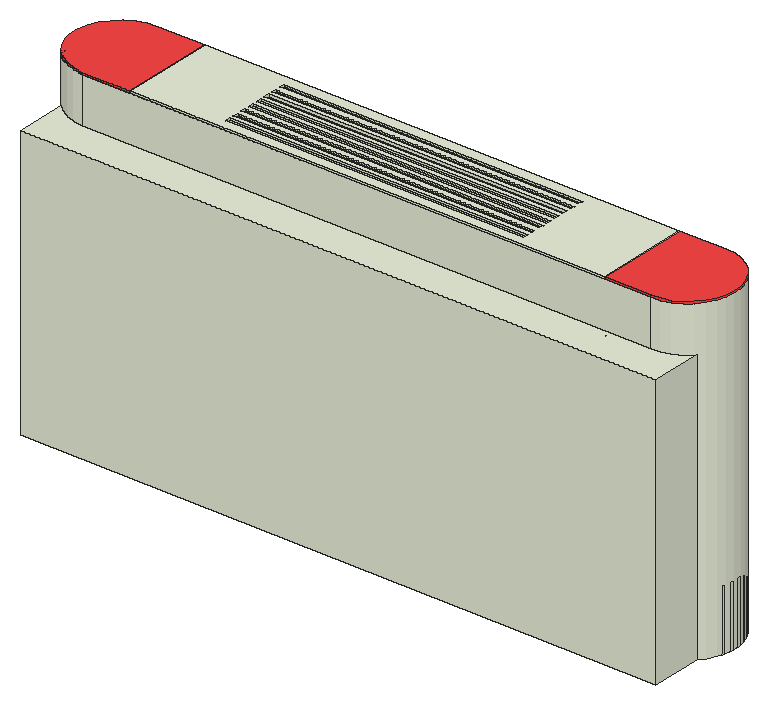
Revit family "MKH1-250-R3(R4)", category Mechanical Equipment, Revit 2013
Parameters (values of type "MKH1-250-R3")
  clearance access up = 1500.000 mm
  clearance access right = 150.000 mm
  clearance access left = 150.000 mm
  clearance access down = 90.000 mm
  clearance access behind = 50.000 mm
  clearance [instance] = no
  Width = 495.000 mm
  Series = "FCU"
  Rated current = 0.2 A
  Power supply = "220-240V ~50Hz/60Hz"
  Power Input(H/M/L) = "47/26/14 W"
  Panel color = "WH101"
  Net Weight = 20.00 kg
  Model = "MKH1-250-R3"
  Manufacturer = "Midea"
  Machine material = Galvanized Steel
  Liquid pipe = 19.050 mm
  Installation = "Indoor installation"
  Height = 211.000 mm
  Heating Capacity(H/M/L) = "3.05/2.24/1.52 kW"
  Drain pipe = 18.500 mm
  Description = "High efficiency water cooled"
  Depth = 1020.000 mm
  Cooling Capacity(H/M/L) = "2.65/2.02/1.40 kW"
  Condensation = "water"
  Circuit breaker = 15 A
  Air Flow(H/M/L) = "400/273/180 m3/h"
Types (3, lengths in mm): name | Rated current | Net Weight | Model | Heating Capacity(H/M/L) | Cooling Capacity(H/M/L) | Air Flow(H/M/L)
  (no name) | 0.2 A | 20.00 kg | "MKH1-250-R3" | "3.05/2.24/1.52 kW" | "2.65/2.02/1.40 kW" | "400/273/180 m3/h"
  MKH1-250-R3 | 0.2 A | 20.00 kg | "MKH1-250-R3" | "3.05/2.24/1.52 kW" | "2.65/2.02/1.40 kW" | "400/273/180 m3/h"
  MKH1-250-R4 | 0.22 A | 20.80 kg | "MKH1-250-R4" | "3.15/2.09/1.38 kW" | "3.05/2.26/1.63 kW" | "425/284/184 m3/h"
Reference planes
  plane 1 "Center (Front/Back)": y = 0
  plane 2: z = 0
  plane 3 "Center (Left/Right)": x = 0
  plane 4: x = -510
  plane 5: x = 510
  plane 6: z = 200
  plane 7: z = 80
  plane 8: x = 323
  plane 9: x = -323
  plane 10: y = 28
  plane 11: x = -375
  plane 12: y = -100
  plane 13: y = 100
  plane 14: y = 150
  plane 15: y = -44
Forms (mm)
  Extrusion 1, solid, material "Galvanized Steel" <- "Machine material"
    sketch origin (0, -100, 247.5) x (1, 0, 0) y (0, 1, 0)
      loop
        arc (438, 56) -> (510, 128) -> (438, 200) r 72
        line (438, 200) -> (-438, 200)
        arc (-438, 200) -> (-510, 128) -> (-438, 56) r 72
        line (-438, 56) -> (438, 56)
      loop
        line (438, 195) -> (-438, 195)
        arc (-438, 195) -> (-505, 128) -> (-438, 61) r 67
        line (-438, 61) -> (438, 61)
        arc (438, 61) -> (505, 128) -> (438, 195) r 67
    from -247.5 to 244.5
  Extrusion 2, solid, material "jinshu red"
    sketch origin (-115, -100, 247.5) x (1, 0, 0) y (0, 1, 0)
      loop
        arc (553, 56) -> (625, 128) -> (553, 200) r 72
        line (553, 200) -> (481, 200) -> (481, 56) -> (553, 56)
      loop
        arc (-323, 200) -> (-395, 128) -> (-323, 56) r 72
        line (-323, 56) -> (-251, 56) -> (-251, 200) -> (-323, 200)
    from 244.5 to 247.5
  Extrusion 3, solid, material "Galvanized Steel" <- "Machine material"
    sketch origin (0, -100, 247.5) x (1, 0, 0) y (0, 1, 0)
      loop
        line (-366, 200) -> (-366, 56) -> (366, 56) -> (366, 200) -> (-366, 200)
      loop
        line (-230, 183.236) -> (-230, 175.236) -> (230, 175.236) -> (230, 183.236) -> (-230, 183.236)
      loop
        line (-230, 168.236) -> (-230, 160.236) -> (230, 160.236) -> (230, 168.236) -> (-230, 168.236)
      loop
        line (-230, 153.236) -> (-230, 145.236) -> (230, 145.236) -> (230, 153.236) -> (-230, 153.236)
      loop
        line (-230, 138.236) -> (-230, 130.236) -> (230, 130.236) -> (230, 138.236) -> (-230, 138.236)
      loop
        line (-230, 123.236) -> (-230, 115.236) -> (230, 115.236) -> (230, 123.236) -> (-230, 123.236)
      loop
        line (-230, 108.236) -> (-230, 100.236) -> (230, 100.236) -> (230, 108.236) -> (-230, 108.236)
      loop
        line (-230, 93.236) -> (-230, 85.236) -> (230, 85.236) -> (230, 93.236) -> (-230, 93.236)
      loop
        line (-230, 78.236) -> (-230, 70.236) -> (230, 70.236) -> (230, 78.236) -> (-230, 78.236)
    from 244.5 to 247.5
  Extrusion 4, solid, material "Galvanized Steel" <- "Machine material"
    sketch origin (0, -100, 247.5) x (1, 0, 0) y (0, 1, 0)
      loop
        line (-490, 0) -> (490, 0) -> (490, 78.2)
        arc (490, 78.2) -> (466.27, 61.782) -> (438, 56) r 72
        line (438, 56) -> (-438, 56)
        arc (-438, 56) -> (-466.27, 61.782) -> (-490, 78.2) r 72
        line (-490, 78.2) -> (-490, 0)
    from -247.5 to 173.676
  Extrusion 5, solid, material "Galvanized Steel" <- "Machine material"
    sketch origin (0, -100, 247.5) x (1, 0, 0) y (0, 1, 0)
      loop
        line (443, 195) -> (-443, 195)
        arc (-443, 195) -> (-510, 128) -> (-443, 61) r 67
        line (-443, 61) -> (443, 61)
        arc (443, 61) -> (510, 128) -> (443, 195) r 67
    from -247.5 to -152.5
  Extrusion 6, solid, material "Galvanized Steel" <- "Machine material"
    sketch origin (500, 500, 0) x (0, -1, 0) y (0, 0, -1)
      loop
        circle (552.877, -410.569) r 9.525
    from -203.4 to -125
  Extrusion 7, solid, material "Galvanized Steel" <- "Machine material"
    sketch origin (500, 500, -45) x (0, -1, 0) y (0, 0, -1)
      loop
        circle (552.877, -410.569) r 9
    from -203.4 to -125
  Extrusion 8, void
    sketch origin (-323, 100, 247.5) x (-1, 0, 0) y (0, 0, -1)
      loop
        line (-618, 1.783) -> (-568, 1.783)
        arc (-568, 1.783) -> (-565.5, 4.283) -> (-568, 6.783) r 2.5
        line (-568, 6.783) -> (-618, 6.783)
        arc (-618, 6.783) -> (-620.5, 4.283) -> (-618, 1.783) r 2.5
      loop
        line (-558, 1.783) -> (-508, 1.783)
        arc (-508, 1.783) -> (-505.5, 4.283) -> (-508, 6.783) r 2.5
        line (-508, 6.783) -> (-558, 6.783)
        arc (-558, 6.783) -> (-560.5, 4.283) -> (-558, 1.783) r 2.5
      loop
        line (-498, 1.783) -> (-448, 1.783)
        arc (-448, 1.783) -> (-445.5, 4.283) -> (-448, 6.783) r 2.5
        line (-448, 6.783) -> (-498, 6.783)
        arc (-498, 6.783) -> (-500.5, 4.283) -> (-498, 1.783) r 2.5
      loop
        line (-438, 1.783) -> (-388, 1.783)
        arc (-388, 1.783) -> (-385.5, 4.283) -> (-388, 6.783) r 2.5
        line (-388, 6.783) -> (-438, 6.783)
        arc (-438, 6.783) -> (-440.5, 4.283) -> (-438, 1.783) r 2.5
      loop
        line (-378, 1.783) -> (-328, 1.783)
        arc (-328, 1.783) -> (-325.5, 4.283) -> (-328, 6.783) r 2.5
        line (-328, 6.783) -> (-378, 6.783)
        arc (-378, 6.783) -> (-380.5, 4.283) -> (-378, 1.783) r 2.5
      loop
        line (-318, 1.783) -> (-268, 1.783)
        arc (-268, 1.783) -> (-265.5, 4.283) -> (-268, 6.783) r 2.5
        line (-268, 6.783) -> (-318, 6.783)
        arc (-318, 6.783) -> (-320.5, 4.283) -> (-318, 1.783) r 2.5
      loop
        line (-258, 1.783) -> (-208, 1.783)
        arc (-208, 1.783) -> (-205.5, 4.283) -> (-208, 6.783) r 2.5
        line (-208, 6.783) -> (-258, 6.783)
        arc (-258, 6.783) -> (-260.5, 4.283) -> (-258, 1.783) r 2.5
      loop
        line (-198, 1.783) -> (-148, 1.783)
        arc (-148, 1.783) -> (-145.5, 4.283) -> (-148, 6.783) r 2.5
        line (-148, 6.783) -> (-198, 6.783)
        arc (-198, 6.783) -> (-200.5, 4.283) -> (-198, 1.783) r 2.5
      loop
        line (-138, 1.783) -> (-88, 1.783)
        arc (-88, 1.783) -> (-85.5, 4.283) -> (-88, 6.783) r 2.5
        line (-88, 6.783) -> (-138, 6.783)
        arc (-138, 6.783) -> (-140.5, 4.283) -> (-138, 1.783) r 2.5
      loop
        line (-78, 1.783) -> (-28, 1.783)
        arc (-28, 1.783) -> (-25.5, 4.283) -> (-28, 6.783) r 2.5
        line (-28, 6.783) -> (-78, 6.783)
        arc (-78, 6.783) -> (-80.5, 4.283) -> (-78, 1.783) r 2.5
      loop
        line (-618, 11.783) -> (-568, 11.783)
        arc (-568, 11.783) -> (-565.5, 14.283) -> (-568, 16.783) r 2.5
        line (-568, 16.783) -> (-618, 16.783)
        arc (-618, 16.783) -> (-620.5, 14.283) -> (-618, 11.783) r 2.5
      loop
        line (-558, 11.783) -> (-508, 11.783)
        arc (-508, 11.783) -> (-505.5, 14.283) -> (-508, 16.783) r 2.5
        line (-508, 16.783) -> (-558, 16.783)
        arc (-558, 16.783) -> (-560.5, 14.283) -> (-558, 11.783) r 2.5
      loop
        line (-498, 11.783) -> (-448, 11.783)
        arc (-448, 11.783) -> (-445.5, 14.283) -> (-448, 16.783) r 2.5
        line (-448, 16.783) -> (-498, 16.783)
        arc (-498, 16.783) -> (-500.5, 14.283) -> (-498, 11.783) r 2.5
      loop
        line (-438, 11.783) -> (-388, 11.783)
        arc (-388, 11.783) -> (-385.5, 14.283) -> (-388, 16.783) r 2.5
        line (-388, 16.783) -> (-438, 16.783)
        arc (-438, 16.783) -> (-440.5, 14.283) -> (-438, 11.783) r 2.5
      loop
        line (-378, 11.783) -> (-328, 11.783)
        arc (-328, 11.783) -> (-325.5, 14.283) -> (-328, 16.783) r 2.5
        line (-328, 16.783) -> (-378, 16.783)
        arc (-378, 16.783) -> (-380.5, 14.283) -> (-378, 11.783) r 2.5
      loop
        line (-318, 11.783) -> (-268, 11.783)
        arc (-268, 11.783) -> (-265.5, 14.283) -> (-268, 16.783) r 2.5
        line (-268, 16.783) -> (-318, 16.783)
        arc (-318, 16.783) -> (-320.5, 14.283) -> (-318, 11.783) r 2.5
      loop
        line (-258, 11.783) -> (-208, 11.783)
        arc (-208, 11.783) -> (-205.5, 14.283) -> (-208, 16.783) r 2.5
        line (-208, 16.783) -> (-258, 16.783)
        arc (-258, 16.783) -> (-260.5, 14.283) -> (-258, 11.783) r 2.5
      loop
        line (-198, 11.783) -> (-148, 11.783)
        arc (-148, 11.783) -> (-145.5, 14.283) -> (-148, 16.783) r 2.5
        line (-148, 16.783) -> (-198, 16.783)
        arc (-198, 16.783) -> (-200.5, 14.283) -> (-198, 11.783) r 2.5
      loop
        line (-138, 11.783) -> (-88, 11.783)
        arc (-88, 11.783) -> (-85.5, 14.283) -> (-88, 16.783) r 2.5
        line (-88, 16.783) -> (-138, 16.783)
        arc (-138, 16.783) -> (-140.5, 14.283) -> (-138, 11.783) r 2.5
      loop
        line (-78, 11.783) -> (-28, 11.783)
        arc (-28, 11.783) -> (-25.5, 14.283) -> (-28, 16.783) r 2.5
        line (-28, 16.783) -> (-78, 16.783)
        arc (-78, 16.783) -> (-80.5, 14.283) -> (-78, 11.783) r 2.5
      loop
        line (-618, 21.783) -> (-568, 21.783)
        arc (-568, 21.783) -> (-565.5, 24.283) -> (-568, 26.783) r 2.5
        line (-568, 26.783) -> (-618, 26.783)
        arc (-618, 26.783) -> (-620.5, 24.283) -> (-618, 21.783) r 2.5
      loop
        line (-558, 21.783) -> (-508, 21.783)
        arc (-508, 21.783) -> (-505.5, 24.283) -> (-508, 26.783) r 2.5
        line (-508, 26.783) -> (-558, 26.783)
        arc (-558, 26.783) -> (-560.5, 24.283) -> (-558, 21.783) r 2.5
      loop
        line (-498, 21.783) -> (-448, 21.783)
        arc (-448, 21.783) -> (-445.5, 24.283) -> (-448, 26.783) r 2.5
        line (-448, 26.783) -> (-498, 26.783)
        arc (-498, 26.783) -> (-500.5, 24.283) -> (-498, 21.783) r 2.5
      loop
        line (-438, 21.783) -> (-388, 21.783)
        arc (-388, 21.783) -> (-385.5, 24.283) -> (-388, 26.783) r 2.5
        line (-388, 26.783) -> (-438, 26.783)
        arc (-438, 26.783) -> (-440.5, 24.283) -> (-438, 21.783) r 2.5
      loop
        line (-378, 21.783) -> (-328, 21.783)
        arc (-328, 21.783) -> (-325.5, 24.283) -> (-328, 26.783) r 2.5
        line (-328, 26.783) -> (-378, 26.783)
        arc (-378, 26.783) -> (-380.5, 24.283) -> (-378, 21.783) r 2.5
      loop
        line (-318, 21.783) -> (-268, 21.783)
        arc (-268, 21.783) -> (-265.5, 24.283) -> (-268, 26.783) r 2.5
        line (-268, 26.783) -> (-318, 26.783)
        arc (-318, 26.783) -> (-320.5, 24.283) -> (-318, 21.783) r 2.5
      loop
        line (-258, 21.783) -> (-208, 21.783)
        arc (-208, 21.783) -> (-205.5, 24.283) -> (-208, 26.783) r 2.5
        line (-208, 26.783) -> (-258, 26.783)
        arc (-258, 26.783) -> (-260.5, 24.283) -> (-258, 21.783) r 2.5
      loop
        line (-198, 21.783) -> (-148, 21.783)
        arc (-148, 21.783) -> (-145.5, 24.283) -> (-148, 26.783) r 2.5
        line (-148, 26.783) -> (-198, 26.783)
        arc (-198, 26.783) -> (-200.5, 24.283) -> (-198, 21.783) r 2.5
      loop
        line (-138, 21.783) -> (-88, 21.783)
        arc (-88, 21.783) -> (-85.5, 24.283) -> (-88, 26.783) r 2.5
        line (-88, 26.783) -> (-138, 26.783)
        arc (-138, 26.783) -> (-140.5, 24.283) -> (-138, 21.783) r 2.5
      loop
        line (-78, 21.783) -> (-28, 21.783)
        arc (-28, 21.783) -> (-25.5, 24.283) -> (-28, 26.783) r 2.5
        line (-28, 26.783) -> (-78, 26.783)
        arc (-78, 26.783) -> (-80.5, 24.283) -> (-78, 21.783) r 2.5
      loop
        line (-618, 31.783) -> (-568, 31.783)
        arc (-568, 31.783) -> (-565.5, 34.283) -> (-568, 36.783) r 2.5
        line (-568, 36.783) -> (-618, 36.783)
        arc (-618, 36.783) -> (-620.5, 34.283) -> (-618, 31.783) r 2.5
      loop
        line (-558, 31.783) -> (-508, 31.783)
        arc (-508, 31.783) -> (-505.5, 34.283) -> (-508, 36.783) r 2.5
        line (-508, 36.783) -> (-558, 36.783)
        arc (-558, 36.783) -> (-560.5, 34.283) -> (-558, 31.783) r 2.5
      loop
        line (-498, 31.783) -> (-448, 31.783)
        arc (-448, 31.783) -> (-445.5, 34.283) -> (-448, 36.783) r 2.5
        line (-448, 36.783) -> (-498, 36.783)
        arc (-498, 36.783) -> (-500.5, 34.283) -> (-498, 31.783) r 2.5
      loop
        line (-438, 31.783) -> (-388, 31.783)
        arc (-388, 31.783) -> (-385.5, 34.283) -> (-388, 36.783) r 2.5
        line (-388, 36.783) -> (-438, 36.783)
        arc (-438, 36.783) -> (-440.5, 34.283) -> (-438, 31.783) r 2.5
      loop
        line (-378, 31.783) -> (-328, 31.783)
        arc (-328, 31.783) -> (-325.5, 34.283) -> (-328, 36.783) r 2.5
        line (-328, 36.783) -> (-378, 36.783)
        arc (-378, 36.783) -> (-380.5, 34.283) -> (-378, 31.783) r 2.5
      loop
        line (-318, 31.783) -> (-268, 31.783)
        arc (-268, 31.783) -> (-265.5, 34.283) -> (-268, 36.783) r 2.5
        line (-268, 36.783) -> (-318, 36.783)
        arc (-318, 36.783) -> (-320.5, 34.283) -> (-318, 31.783) r 2.5
      loop
        line (-258, 31.783) -> (-208, 31.783)
        arc (-208, 31.783) -> (-205.5, 34.283) -> (-208, 36.783) r 2.5
        line (-208, 36.783) -> (-258, 36.783)
        arc (-258, 36.783) -> (-260.5, 34.283) -> (-258, 31.783) r 2.5
      loop
        line (-198, 31.783) -> (-148, 31.783)
        arc (-148, 31.783) -> (-145.5, 34.283) -> (-148, 36.783) r 2.5
        line (-148, 36.783) -> (-198, 36.783)
        arc (-198, 36.783) -> (-200.5, 34.283) -> (-198, 31.783) r 2.5
      loop
        line (-138, 31.783) -> (-88, 31.783)
        arc (-88, 31.783) -> (-85.5, 34.283) -> (-88, 36.783) r 2.5
        line (-88, 36.783) -> (-138, 36.783)
        arc (-138, 36.783) -> (-140.5, 34.283) -> (-138, 31.783) r 2.5
      loop
        line (-78, 31.783) -> (-28, 31.783)
        arc (-28, 31.783) -> (-25.5, 34.283) -> (-28, 36.783) r 2.5
        line (-28, 36.783) -> (-78, 36.783)
        arc (-78, 36.783) -> (-80.5, 34.283) -> (-78, 31.783) r 2.5
      loop
        line (-618, 41.783) -> (-568, 41.783)
        arc (-568, 41.783) -> (-565.5, 44.283) -> (-568, 46.783) r 2.5
        line (-568, 46.783) -> (-618, 46.783)
        arc (-618, 46.783) -> (-620.5, 44.283) -> (-618, 41.783) r 2.5
      loop
        line (-558, 41.783) -> (-508, 41.783)
        arc (-508, 41.783) -> (-505.5, 44.283) -> (-508, 46.783) r 2.5
        line (-508, 46.783) -> (-558, 46.783)
        arc (-558, 46.783) -> (-560.5, 44.283) -> (-558, 41.783) r 2.5
      loop
        line (-498, 41.783) -> (-448, 41.783)
        arc (-448, 41.783) -> (-445.5, 44.283) -> (-448, 46.783) r 2.5
        line (-448, 46.783) -> (-498, 46.783)
        arc (-498, 46.783) -> (-500.5, 44.283) -> (-498, 41.783) r 2.5
      loop
        line (-438, 41.783) -> (-388, 41.783)
        arc (-388, 41.783) -> (-385.5, 44.283) -> (-388, 46.783) r 2.5
        line (-388, 46.783) -> (-438, 46.783)
        arc (-438, 46.783) -> (-440.5, 44.283) -> (-438, 41.783) r 2.5
      loop
        line (-378, 41.783) -> (-328, 41.783)
        arc (-328, 41.783) -> (-325.5, 44.283) -> (-328, 46.783) r 2.5
        line (-328, 46.783) -> (-378, 46.783)
        arc (-378, 46.783) -> (-380.5, 44.283) -> (-378, 41.783) r 2.5
      loop
        line (-318, 41.783) -> (-268, 41.783)
        arc (-268, 41.783) -> (-265.5, 44.283) -> (-268, 46.783) r 2.5
        line (-268, 46.783) -> (-318, 46.783)
        arc (-318, 46.783) -> (-320.5, 44.283) -> (-318, 41.783) r 2.5
      loop
        line (-258, 41.783) -> (-208, 41.783)
        arc (-208, 41.783) -> (-205.5, 44.283) -> (-208, 46.783) r 2.5
        line (-208, 46.783) -> (-258, 46.783)
        arc (-258, 46.783) -> (-260.5, 44.283) -> (-258, 41.783) r 2.5
      loop
        line (-198, 41.783) -> (-148, 41.783)
        arc (-148, 41.783) -> (-145.5, 44.283) -> (-148, 46.783) r 2.5
        line (-148, 46.783) -> (-198, 46.783)
        arc (-198, 46.783) -> (-200.5, 44.283) -> (-198, 41.783) r 2.5
      loop
        line (-138, 41.783) -> (-88, 41.783)
        arc (-88, 41.783) -> (-85.5, 44.283) -> (-88, 46.783) r 2.5
        line (-88, 46.783) -> (-138, 46.783)
        arc (-138, 46.783) -> (-140.5, 44.283) -> (-138, 41.783) r 2.5
      loop
        line (-78, 41.783) -> (-28, 41.783)
        arc (-28, 41.783) -> (-25.5, 44.283) -> (-28, 46.783) r 2.5
        line (-28, 46.783) -> (-78, 46.783)
        arc (-78, 46.783) -> (-80.5, 44.283) -> (-78, 41.783) r 2.5
      loop
        line (-618, 51.783) -> (-568, 51.783)
        arc (-568, 51.783) -> (-565.5, 54.283) -> (-568, 56.783) r 2.5
        line (-568, 56.783) -> (-618, 56.783)
        arc (-618, 56.783) -> (-620.5, 54.283) -> (-618, 51.783) r 2.5
      loop
        line (-558, 51.783) -> (-508, 51.783)
        arc (-508, 51.783) -> (-505.5, 54.283) -> (-508, 56.783) r 2.5
        line (-508, 56.783) -> (-558, 56.783)
        arc (-558, 56.783) -> (-560.5, 54.283) -> (-558, 51.783) r 2.5
      loop
        line (-498, 51.783) -> (-448, 51.783)
        arc (-448, 51.783) -> (-445.5, 54.283) -> (-448, 56.783) r 2.5
        line (-448, 56.783) -> (-498, 56.783)
        arc (-498, 56.783) -> (-500.5, 54.283) -> (-498, 51.783) r 2.5
      loop
        line (-438, 51.783) -> (-388, 51.783)
        arc (-388, 51.783) -> (-385.5, 54.283) -> (-388, 56.783) r 2.5
        line (-388, 56.783) -> (-438, 56.783)
        arc (-438, 56.783) -> (-440.5, 54.283) -> (-438, 51.783) r 2.5
      loop
        line (-378, 51.783) -> (-328, 51.783)
        arc (-328, 51.783) -> (-325.5, 54.283) -> (-328, 56.783) r 2.5
        line (-328, 56.783) -> (-378, 56.783)
        arc (-378, 56.783) -> (-380.5, 54.283) -> (-378, 51.783) r 2.5
      loop
        line (-318, 51.783) -> (-268, 51.783)
        arc (-268, 51.783) -> (-265.5, 54.283) -> (-268, 56.783) r 2.5
        line (-268, 56.783) -> (-318, 56.783)
        arc (-318, 56.783) -> (-320.5, 54.283) -> (-318, 51.783) r 2.5
      loop
        line (-258, 51.783) -> (-208, 51.783)
        arc (-208, 51.783) -> (-205.5, 54.283) -> (-208, 56.783) r 2.5
        line (-208, 56.783) -> (-258, 56.783)
        arc (-258, 56.783) -> (-260.5, 54.283) -> (-258, 51.783) r 2.5
      loop
        line (-198, 51.783) -> (-148, 51.783)
        arc (-148, 51.783) -> (-145.5, 54.283) -> (-148, 56.783) r 2.5
        line (-148, 56.783) -> (-198, 56.783)
        arc (-198, 56.783) -> (-200.5, 54.283) -> (-198, 51.783) r 2.5
      loop
        line (-138, 51.783) -> (-88, 51.783)
        arc (-88, 51.783) -> (-85.5, 54.283) -> (-88, 56.783) r 2.5
        line (-88, 56.783) -> (-138, 56.783)
        arc (-138, 56.783) -> (-140.5, 54.283) -> (-138, 51.783) r 2.5
      loop
        line (-78, 51.783) -> (-28, 51.783)
        arc (-28, 51.783) -> (-25.5, 54.283) -> (-28, 56.783) r 2.5
        line (-28, 56.783) -> (-78, 56.783)
        arc (-78, 56.783) -> (-80.5, 54.283) -> (-78, 51.783) r 2.5
      loop
        line (-618, 61.783) -> (-568, 61.783)
        arc (-568, 61.783) -> (-565.5, 64.283) -> (-568, 66.783) r 2.5
        line (-568, 66.783) -> (-618, 66.783)
        arc (-618, 66.783) -> (-620.5, 64.283) -> (-618, 61.783) r 2.5
      loop
        line (-558, 61.783) -> (-508, 61.783)
        arc (-508, 61.783) -> (-505.5, 64.283) -> (-508, 66.783) r 2.5
        line (-508, 66.783) -> (-558, 66.783)
        arc (-558, 66.783) -> (-560.5, 64.283) -> (-558, 61.783) r 2.5
      loop
        line (-498, 61.783) -> (-448, 61.783)
        arc (-448, 61.783) -> (-445.5, 64.283) -> (-448, 66.783) r 2.5
        line (-448, 66.783) -> (-498, 66.783)
        arc (-498, 66.783) -> (-500.5, 64.283) -> (-498, 61.783) r 2.5
      loop
        line (-438, 61.783) -> (-388, 61.783)
        arc (-388, 61.783) -> (-385.5, 64.283) -> (-388, 66.783) r 2.5
        line (-388, 66.783) -> (-438, 66.783)
        arc (-438, 66.783) -> (-440.5, 64.283) -> (-438, 61.783) r 2.5
      loop
        line (-378, 61.783) -> (-328, 61.783)
        arc (-328, 61.783) -> (-325.5, 64.283) -> (-328, 66.783) r 2.5
        line (-328, 66.783) -> (-378, 66.783)
        arc (-378, 66.783) -> (-380.5, 64.283) -> (-378, 61.783) r 2.5
      loop
        line (-318, 61.783) -> (-268, 61.783)
        arc (-268, 61.783) -> (-265.5, 64.283) -> (-268, 66.783) r 2.5
        line (-268, 66.783) -> (-318, 66.783)
        arc (-318, 66.783) -> (-320.5, 64.283) -> (-318, 61.783) r 2.5
      loop
        line (-258, 61.783) -> (-208, 61.783)
        arc (-208, 61.783) -> (-205.5, 64.283) -> (-208, 66.783) r 2.5
        line (-208, 66.783) -> (-258, 66.783)
        arc (-258, 66.783) -> (-260.5, 64.283) -> (-258, 61.783) r 2.5
      loop
        line (-198, 61.783) -> (-148, 61.783)
        arc (-148, 61.783) -> (-145.5, 64.283) -> (-148, 66.783) r 2.5
        line (-148, 66.783) -> (-198, 66.783)
        arc (-198, 66.783) -> (-200.5, 64.283) -> (-198, 61.783) r 2.5
      loop
        line (-138, 61.783) -> (-88, 61.783)
        arc (-88, 61.783) -> (-85.5, 64.283) -> (-88, 66.783) r 2.5
        line (-88, 66.783) -> (-138, 66.783)
        arc (-138, 66.783) -> (-140.5, 64.283) -> (-138, 61.783) r 2.5
      loop
        line (-78, 61.783) -> (-28, 61.783)
        arc (-28, 61.783) -> (-25.5, 64.283) -> (-28, 66.783) r 2.5
        line (-28, 66.783) -> (-78, 66.783)
        arc (-78, 66.783) -> (-80.5, 64.283) -> (-78, 61.783) r 2.5
      loop
        line (-618, 71.783) -> (-568, 71.783)
        arc (-568, 71.783) -> (-565.5, 74.283) -> (-568, 76.783) r 2.5
        line (-568, 76.783) -> (-618, 76.783)
        arc (-618, 76.783) -> (-620.5, 74.283) -> (-618, 71.783) r 2.5
      loop
        line (-558, 71.783) -> (-508, 71.783)
        arc (-508, 71.783) -> (-505.5, 74.283) -> (-508, 76.783) r 2.5
        line (-508, 76.783) -> (-558, 76.783)
        arc (-558, 76.783) -> (-560.5, 74.283) -> (-558, 71.783) r 2.5
      loop
        line (-498, 71.783) -> (-448, 71.783)
        arc (-448, 71.783) -> (-445.5, 74.283) -> (-448, 76.783) r 2.5
        line (-448, 76.783) -> (-498, 76.783)
        arc (-498, 76.783) -> (-500.5, 74.283) -> (-498, 71.783) r 2.5
      loop
        line (-438, 71.783) -> (-388, 71.783)
        arc (-388, 71.783) -> (-385.5, 74.283) -> (-388, 76.783) r 2.5
        line (-388, 76.783) -> (-438, 76.783)
        arc (-438, 76.783) -> (-440.5, 74.283) -> (-438, 71.783) r 2.5
      loop
        line (-378, 71.783) -> (-328, 71.783)
        arc (-328, 71.783) -> (-325.5, 74.283) -> (-328, 76.783) r 2.5
        line (-328, 76.783) -> (-378, 76.783)
        arc (-378, 76.783) -> (-380.5, 74.283) -> (-378, 71.783) r 2.5
      loop
        line (-318, 71.783) -> (-268, 71.783)
        arc (-268, 71.783) -> (-265.5, 74.283) -> (-268, 76.783) r 2.5
        line (-268, 76.783) -> (-318, 76.783)
        arc (-318, 76.783) -> (-320.5, 74.283) -> (-318, 71.783) r 2.5
      loop
        line (-258, 71.783) -> (-208, 71.783)
        arc (-208, 71.783) -> (-205.5, 74.283) -> (-208, 76.783) r 2.5
        line (-208, 76.783) -> (-258, 76.783)
        arc (-258, 76.783) -> (-260.5, 74.283) -> (-258, 71.783) r 2.5
      loop
        line (-198, 71.783) -> (-148, 71.783)
        arc (-148, 71.783) -> (-145.5, 74.283) -> (-148, 76.783) r 2.5
        line (-148, 76.783) -> (-198, 76.783)
        arc (-198, 76.783) -> (-200.5, 74.283) -> (-198, 71.783) r 2.5
      loop
        line (-138, 71.783) -> (-88, 71.783)
        arc (-88, 71.783) -> (-85.5, 74.283) -> (-88, 76.783) r 2.5
        line (-88, 76.783) -> (-138, 76.783)
        arc (-138, 76.783) -> (-140.5, 74.283) -> (-138, 71.783) r 2.5
      loop
        line (-78, 71.783) -> (-28, 71.783)
        arc (-28, 71.783) -> (-25.5, 74.283) -> (-28, 76.783) r 2.5
        line (-28, 76.783) -> (-78, 76.783)
        arc (-78, 76.783) -> (-80.5, 74.283) -> (-78, 71.783) r 2.5
      loop
        line (-618, 81.783) -> (-568, 81.783)
        arc (-568, 81.783) -> (-565.5, 84.283) -> (-568, 86.783) r 2.5
        line (-568, 86.783) -> (-618, 86.783)
        arc (-618, 86.783) -> (-620.5, 84.283) -> (-618, 81.783) r 2.5
      loop
        line (-558, 81.783) -> (-508, 81.783)
        arc (-508, 81.783) -> (-505.5, 84.283) -> (-508, 86.783) r 2.5
        line (-508, 86.783) -> (-558, 86.783)
        arc (-558, 86.783) -> (-560.5, 84.283) -> (-558, 81.783) r 2.5
      loop
        line (-498, 81.783) -> (-448, 81.783)
        arc (-448, 81.783) -> (-445.5, 84.283) -> (-448, 86.783) r 2.5
        line (-448, 86.783) -> (-498, 86.783)
        arc (-498, 86.783) -> (-500.5, 84.283) -> (-498, 81.783) r 2.5
      loop
        line (-438, 81.783) -> (-388, 81.783)
        arc (-388, 81.783) -> (-385.5, 84.283) -> (-388, 86.783) r 2.5
        line (-388, 86.783) -> (-438, 86.783)
        arc (-438, 86.783) -> (-440.5, 84.283) -> (-438, 81.783) r 2.5
      loop
        line (-378, 81.783) -> (-328, 81.783)
        arc (-328, 81.783) -> (-325.5, 84.283) -> (-328, 86.783) r 2.5
        line (-328, 86.783) -> (-378, 86.783)
        arc (-378, 86.783) -> (-380.5, 84.283) -> (-378, 81.783) r 2.5
      loop
        line (-318, 81.783) -> (-268, 81.783)
        arc (-268, 81.783) -> (-265.5, 84.283) -> (-268, 86.783) r 2.5
        line (-268, 86.783) -> (-318, 86.783)
        arc (-318, 86.783) -> (-320.5, 84.283) -> (-318, 81.783) r 2.5
      loop
        line (-258, 81.783) -> (-208, 81.783)
        arc (-208, 81.783) -> (-205.5, 84.283) -> (-208, 86.783) r 2.5
        line (-208, 86.783) -> (-258, 86.783)
        arc (-258, 86.783) -> (-260.5, 84.283) -> (-258, 81.783) r 2.5
      loop
        line (-198, 81.783) -> (-148, 81.783)
        arc (-148, 81.783) -> (-145.5, 84.283) -> (-148, 86.783) r 2.5
        line (-148, 86.783) -> (-198, 86.783)
        arc (-198, 86.783) -> (-200.5, 84.283) -> (-198, 81.783) r 2.5
      loop
        line (-138, 81.783) -> (-88, 81.783)
        arc (-88, 81.783) -> (-85.5, 84.283) -> (-88, 86.783) r 2.5
        line (-88, 86.783) -> (-138, 86.783)
        arc (-138, 86.783) -> (-140.5, 84.283) -> (-138, 81.783) r 2.5
      loop
        line (-78, 81.783) -> (-28, 81.783)
        arc (-28, 81.783) -> (-25.5, 84.283) -> (-28, 86.783) r 2.5
        line (-28, 86.783) -> (-78, 86.783)
        arc (-78, 86.783) -> (-80.5, 84.283) -> (-78, 81.783) r 2.5
      loop
        line (-618, 91.783) -> (-568, 91.783)
        arc (-568, 91.783) -> (-565.5, 94.283) -> (-568, 96.783) r 2.5
        line (-568, 96.783) -> (-618, 96.783)
        arc (-618, 96.783) -> (-620.5, 94.283) -> (-618, 91.783) r 2.5
      loop
        line (-558, 91.783) -> (-508, 91.783)
        arc (-508, 91.783) -> (-505.5, 94.283) -> (-508, 96.783) r 2.5
        line (-508, 96.783) -> (-558, 96.783)
        arc (-558, 96.783) -> (-560.5, 94.283) -> (-558, 91.783) r 2.5
      loop
        line (-498, 91.783) -> (-448, 91.783)
        arc (-448, 91.783) -> (-445.5, 94.283) -> (-448, 96.783) r 2.5
        line (-448, 96.783) -> (-498, 96.783)
        arc (-498, 96.783) -> (-500.5, 94.283) -> (-498, 91.783) r 2.5
      loop
        line (-438, 91.783) -> (-388, 91.783)
        arc (-388, 91.783) -> (-385.5, 94.283) -> (-388, 96.783) r 2.5
        line (-388, 96.783) -> (-438, 96.783)
        arc (-438, 96.783) -> (-440.5, 94.283) -> (-438, 91.783) r 2.5
      loop
        line (-378, 91.783) -> (-328, 91.783)
        arc (-328, 91.783) -> (-325.5, 94.283) -> (-328, 96.783) r 2.5
        line (-328, 96.783) -> (-378, 96.783)
        arc (-378, 96.783) -> (-380.5, 94.283) -> (-378, 91.783) r 2.5
      loop
        line (-318, 91.783) -> (-268, 91.783)
        arc (-268, 91.783) -> (-265.5, 94.283) -> (-268, 96.783) r 2.5
        line (-268, 96.783) -> (-318, 96.783)
        arc (-318, 96.783) -> (-320.5, 94.283) -> (-318, 91.783) r 2.5
      loop
        line (-258, 91.783) -> (-208, 91.783)
        arc (-208, 91.783) -> (-205.5, 94.283) -> (-208, 96.783) r 2.5
        line (-208, 96.783) -> (-258, 96.783)
        arc (-258, 96.783) -> (-260.5, 94.283) -> (-258, 91.783) r 2.5
      loop
        line (-198, 91.783) -> (-148, 91.783)
        arc (-148, 91.783) -> (-145.5, 94.283) -> (-148, 96.783) r 2.5
        line (-148, 96.783) -> (-198, 96.783)
        arc (-198, 96.783) -> (-200.5, 94.283) -> (-198, 91.783) r 2.5
      loop
        line (-138, 91.783) -> (-88, 91.783)
        arc (-88, 91.783) -> (-85.5, 94.283) -> (-88, 96.783) r 2.5
        line (-88, 96.783) -> (-138, 96.783)
        arc (-138, 96.783) -> (-140.5, 94.283) -> (-138, 91.783) r 2.5
      loop
        line (-78, 91.783) -> (-28, 91.783)
        arc (-28, 91.783) -> (-25.5, 94.283) -> (-28, 96.783) r 2.5
        line (-28, 96.783) -> (-78, 96.783)
        arc (-78, 96.783) -> (-80.5, 94.283) -> (-78, 91.783) r 2.5
      loop
        line (-618, 101.783) -> (-568, 101.783)
        arc (-568, 101.783) -> (-565.5, 104.283) -> (-568, 106.783) r 2.5
        line (-568, 106.783) -> (-618, 106.783)
        arc (-618, 106.783) -> (-620.5, 104.283) -> (-618, 101.783) r 2.5
      loop
        line (-558, 101.783) -> (-508, 101.783)
        arc (-508, 101.783) -> (-505.5, 104.283) -> (-508, 106.783) r 2.5
        line (-508, 106.783) -> (-558, 106.783)
        arc (-558, 106.783) -> (-560.5, 104.283) -> (-558, 101.783) r 2.5
      loop
        line (-498, 101.783) -> (-448, 101.783)
        arc (-448, 101.783) -> (-445.5, 104.283) -> (-448, 106.783) r 2.5
        line (-448, 106.783) -> (-498, 106.783)
        arc (-498, 106.783) -> (-500.5, 104.283) -> (-498, 101.783) r 2.5
      loop
        line (-438, 101.783) -> (-388, 101.783)
        arc (-388, 101.783) -> (-385.5, 104.283) -> (-388, 106.783) r 2.5
        line (-388, 106.783) -> (-438, 106.783)
        arc (-438, 106.783) -> (-440.5, 104.283) -> (-438, 101.783) r 2.5
      loop
        line (-378, 101.783) -> (-328, 101.783)
        arc (-328, 101.783) -> (-325.5, 104.283) -> (-328, 106.783) r 2.5
        line (-328, 106.783) -> (-378, 106.783)
        arc (-378, 106.783) -> (-380.5, 104.283) -> (-378, 101.783) r 2.5
      loop
        line (-318, 101.783) -> (-268, 101.783)
        arc (-268, 101.783) -> (-265.5, 104.283) -> (-268, 106.783) r 2.5
        line (-268, 106.783) -> (-318, 106.783)
        arc (-318, 106.783) -> (-320.5, 104.283) -> (-318, 101.783) r 2.5
      loop
        line (-258, 101.783) -> (-208, 101.783)
        arc (-208, 101.783) -> (-205.5, 104.283) -> (-208, 106.783) r 2.5
        line (-208, 106.783) -> (-258, 106.783)
        arc (-258, 106.783) -> (-260.5, 104.283) -> (-258, 101.783) r 2.5
      loop
        line (-198, 101.783) -> (-148, 101.783)
        arc (-148, 101.783) -> (-145.5, 104.283) -> (-148, 106.783) r 2.5
        line (-148, 106.783) -> (-198, 106.783)
        arc (-198, 106.783) -> (-200.5, 104.283) -> (-198, 101.783) r 2.5
      loop
        line (-138, 101.783) -> (-88, 101.783)
        arc (-88, 101.783) -> (-85.5, 104.283) -> (-88, 106.783) r 2.5
        line (-88, 106.783) -> (-138, 106.783)
        arc (-138, 106.783) -> (-140.5, 104.283) -> (-138, 101.783) r 2.5
      loop
        line (-78, 101.783) -> (-28, 101.783)
        arc (-28, 101.783) -> (-25.5, 104.283) -> (-28, 106.783) r 2.5
        line (-28, 106.783) -> (-78, 106.783)
        arc (-78, 106.783) -> (-80.5, 104.283) -> (-78, 101.783) r 2.5
      loop
        line (-618, 111.783) -> (-568, 111.783)
        arc (-568, 111.783) -> (-565.5, 114.283) -> (-568, 116.783) r 2.5
        line (-568, 116.783) -> (-618, 116.783)
        arc (-618, 116.783) -> (-620.5, 114.283) -> (-618, 111.783) r 2.5
      loop
        line (-558, 111.783) -> (-508, 111.783)
        arc (-508, 111.783) -> (-505.5, 114.283) -> (-508, 116.783) r 2.5
        line (-508, 116.783) -> (-558, 116.783)
        arc (-558, 116.783) -> (-560.5, 114.283) -> (-558, 111.783) r 2.5
      loop
        line (-498, 111.783) -> (-448, 111.783)
        arc (-448, 111.783) -> (-445.5, 114.283) -> (-448, 116.783) r 2.5
        line (-448, 116.783) -> (-498, 116.783)
        arc (-498, 116.783) -> (-500.5, 114.283) -> (-498, 111.783) r 2.5
      loop
        line (-438, 111.783) -> (-388, 111.783)
        arc (-388, 111.783) -> (-385.5, 114.283) -> (-388, 116.783) r 2.5
        line (-388, 116.783) -> (-438, 116.783)
        arc (-438, 116.783) -> (-440.5, 114.283) -> (-438, 111.783) r 2.5
      loop
        line (-378, 111.783) -> (-328, 111.783)
        arc (-328, 111.783) -> (-325.5, 114.283) -> (-328, 116.783) r 2.5
        line (-328, 116.783) -> (-378, 116.783)
        arc (-378, 116.783) -> (-380.5, 114.283) -> (-378, 111.783) r 2.5
      loop
        line (-318, 111.783) -> (-268, 111.783)
        arc (-268, 111.783) -> (-265.5, 114.283) -> (-268, 116.783) r 2.5
        line (-268, 116.783) -> (-318, 116.783)
        arc (-318, 116.783) -> (-320.5, 114.283) -> (-318, 111.783) r 2.5
      loop
        line (-258, 111.783) -> (-208, 111.783)
        arc (-208, 111.783) -> (-205.5, 114.283) -> (-208, 116.783) r 2.5
        line (-208, 116.783) -> (-258, 116.783)
        arc (-258, 116.783) -> (-260.5, 114.283) -> (-258, 111.783) r 2.5
      loop
        line (-198, 111.783) -> (-148, 111.783)
        arc (-148, 111.783) -> (-145.5, 114.283) -> (-148, 116.783) r 2.5
        line (-148, 116.783) -> (-198, 116.783)
        arc (-198, 116.783) -> (-200.5, 114.283) -> (-198, 111.783) r 2.5
      loop
        line (-138, 111.783) -> (-88, 111.783)
        arc (-88, 111.783) -> (-85.5, 114.283) -> (-88, 116.783) r 2.5
        line (-88, 116.783) -> (-138, 116.783)
        arc (-138, 116.783) -> (-140.5, 114.283) -> (-138, 111.783) r 2.5
      loop
        line (-78, 111.783) -> (-28, 111.783)
        arc (-28, 111.783) -> (-25.5, 114.283) -> (-28, 116.783) r 2.5
        line (-28, 116.783) -> (-78, 116.783)
        arc (-78, 116.783) -> (-80.5, 114.283) -> (-78, 111.783) r 2.5
    from 0 to 5
Cuts and joins
  Extrusion 8 cuts Extrusion 1
  Extrusion 8 cuts Extrusion 4
Dimensions and locks
  aligned and locked: level to plane 2
Nested families
  nested 1: "Midea service space" at (-510, 100, 0), visible <- "clearance", type "Midea Service  Space"
    with Width 1020.000 mm, Height 500.000 mm, Depth 50.000 mm
  nested 2: "Midea service space" at (510, -100, 0), visible <- "clearance", type "Midea Service  Space"
    with Width 150.000 mm, Height 500.000 mm, Depth 200.000 mm
  nested 3: "Midea service space" at (-660, -100, 0), visible <- "clearance", type "Midea Service  Space"
    with Width 150.000 mm, Height 500.000 mm, Depth 200.000 mm
  nested 4: "Midea service space" at (-510, -100, 495), visible <- "clearance", type "Midea Service  Space"
    with Width 1020.000 mm, Height 1500.000 mm, Depth 200.000 mm
  nested 5: "Midea service space" at (-510, -100, -90), visible <- "clearance", type "Midea Service  Space"
    with Width 1020.000 mm, Height 90.000 mm, Depth 200.000 mm
Connectors
  electrical at (-490, -60.9, 210.588)
    settings: on Extrusion 4, index 1, voltage 220 V, apparent load 0 VA, apparent load phase1 0 VA, apparent load phase2 0 VA, apparent load phase3 0 VA, power factor 1, load classification "Other", number of poles 1, system type 30, power factor state 1, is connector primary yes, connector utility no, sub classification motor no, connector description ""
  piping at (375, -52.877, 410.569)
    settings: on Extrusion 6, index 2, connector radius 3/8", flow factor 0, pipe flow 0 GPM, pressure drop 0.00 psi, fitting loss kfactor 0, connector angle 0.00°, fixture units 0, engagement length 0.000 mm, flow configuration 0, flow direction 0, fitting loss method 0, system type 19, joint type 0, gender type 0, connector reference index -1, connector utility 0, adjustable connector no, is connector primary yes, fitting loss table "", connector description "Liquid pipe"
  piping at (375, -52.877, 365.569)
    settings: on Extrusion 7, index 3, connector radius 0.35433", flow factor 0, pipe flow 0 GPM, pressure drop 0.00 psi, fitting loss kfactor 0, connector angle 0.00°, fixture units 0, engagement length 0.000 mm, flow configuration 0, flow direction 0, fitting loss method 0, system type 19, joint type 0, gender type 0, connector reference index -1, connector utility 0, adjustable connector no, is connector primary no, fitting loss table "", connector description "Drain pipe"
Definition of nested family "Midea service space"
  Parameters (values of type "Midea Service  Space")
    Width [instance] = 500.000 mm
    Height [instance] = 500.000 mm
    Depth [instance] = 500.000 mm
  Reference planes
    plane 1 "Center (Front/Back)": y = 0
    plane 2: z = 0
    plane 3 "Center (Left/Right)": x = 0
    plane 4: z = 500
    plane 5: y = 500
    plane 6: x = 500
  Forms (mm)
    Extrusion 1, solid, material "Midea Service Space-HDY"
      sketch origin (0, 0, 0) x (1, 0, 0) y (0, 1, 0)
        loop
          line (0, 500) -> (0, 0) -> (500, 0) -> (500, 500) -> (0, 500)
      from 0 to 500
  Dimensions and locks
    "Width": plane 3 "Center (Left/Right)" to plane 6
    "Depth": plane 5 to plane 1 "Center (Front/Back)"
    "Height": level to plane 4
    aligned and locked: level to plane 2
    aligned and locked: plane 5 to Extrusion 1
    aligned and locked: Extrusion 1 to plane 6
    aligned and locked: Extrusion 1 to plane 3 "Center (Left/Right)"
    aligned and locked: plane 1 "Center (Front/Back)" to Extrusion 1
    aligned and locked: Extrusion 1 to plane 4
  Automatic sketch dimensions
    Extrusion 1 sketch curve to plane 3 "Center (Left/Right)" = 0.000 mm
    plane 1 "Center (Front/Back)" to Extrusion 1 sketch curve = 0.000 mm
    Extrusion 1 sketch curve to plane 6 = 0.000 mm
    Extrusion 1 sketch curve to plane 5 = 0.000 mm
